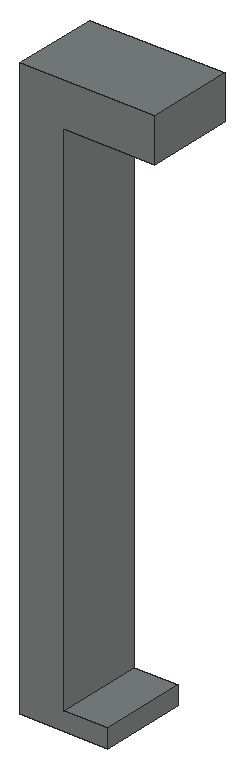
Revit family "SBOL1", category Generic Models, host Floor, Revit 2024
Family settings
  Host = Floor
  Can host rebar = No
  Round Connector Dimension = Use Diameter
  Part Type = Normal
  Always vertical = Yes
  Cut with Voids When Loaded = No
  Maintain Annotation Orientation = No
  Shared = No
  Room Calculation Point = No
Parameters
  Default Elevation = 0' - 0"
Reference planes (in)
  plane 1 "Center (Front/Back)": y = 0
  plane 2: z = 0
  plane 3 "Center (Left/Right)": x = 0
Forms (in)
  Extrusion 1, solid
    sketch origin (0, 0, 0) x (1, 0, 0) y (0, 0, 1)
      loop
        line (3, 1.25) -> (0, 1.25) -> (0, 37) -> (6.25, 37) -> (6.25, 40) -> (-3, 40) -> (-3, 37) -> (-3, 0) -> (3, 0) -> (3, 1.25)
    from -3 to 3
  Extrusion 2, solid
    sketch origin (0, 0, 0) x (1, 0, 0) y (0, 0, 1)
      loop
        line (5.65625, 37) -> (5.65625, 37.25) -> (0.65625, 37.25) -> (0.65625, 36.75) -> (5.65625, 36.75) -> (5.65625, 37)
    from -2 to 2
Dimensions and locks (in)
  equal spacing: host sketch curve, plane 1 "Center (Front/Back)", host sketch curve
  equal spacing: host sketch curve, plane 3 "Center (Left/Right)", host sketch curve
  host sketch curve to host sketch curve = 10' - 0"  (x2)
  aligned and locked: level to plane 2
